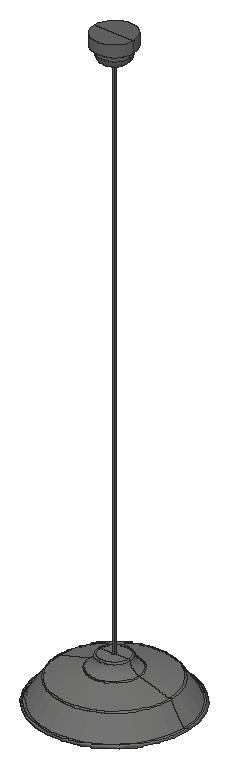
Revit family "Warehouse Flat MB 20,24,27", category Lighting Fixtures, Revit 2020
Family settings
  Round Connector Dimension = Use Diameter
  Part Type = Normal
  OmniClass Number = 23.80.70.00
  OmniClass Title = Lighting
  Work Plane-Based = No
  Always vertical = Yes
  Cut with Voids When Loaded = No
  Light Source = Yes
  Shared = No
  Room Calculation Point = No
Parameters (values of type "WF520")
  b = 0' - 2"
  a = 0' - 6"
  Weight = "2.5 lb"
  Wattage Comments = "200 W Max"  # constant formula
  Wattage = 20.1963 W
  Warranty = "5 year limited warranty"  # constant formula
  WF527 = no
  WF524 = no
  WF520 = yes
  built-in parameter 1150110 = 1 (stored number, unit not read)
  Voltage = 120 V
  URL = "https://www.anplighting.com/assets/Uploads/product-attachments/specification-sheets/ANP-Specification-Sheet-RLM-MB-WF520.pdf"
  built-in parameter 1114217 = 1 (stored number, unit not read)
  Tilt Angle = 90.00°
  built-in parameter 1150109 = 1 (stored number, unit not read)
  built-in parameter 1150134 = (empty or 0)
  built-in parameter 1150113 = 1 (stored number, unit not read)
  Photometric Web File = "generic"
  built-in parameter 1150142 = (empty or 0)
  Mounting Option [instance] = 1
  Power Factor = 1
  Post Mount [instance] = Mounting Option = 5  # no
  Placement X axis side [instance] = if(Post Mount, 2' 2 15/32", if(Cord or Stem Mount, 0' 0", if(E36 20 inch, 1' 8 1/4", if(E 6 26 inch, 2' 2", if(E7 41 inch, 3' 5 1/4", 0' 1")))))  # 0' - 0"
  Model = "WF520"
  Manufacturer = "ANP Lighting"  # constant formula
  built-in parameter 1150105 = 238.73 (stored number, unit not read)
  Lumens = 3000 lm
  built-in parameter 1150115 = 1 (stored number, unit not read)
  Load Classification = Lighting
  Light Source Height [instance] = 0' - 0"
  built-in parameter 1150137 = (empty or 0)
  built-in parameter 1150139 = (empty or 0)
  Light Elevation _2 [instance] = if(Post Mount, 0' 0.66142", if(E7 41 inch, 0' 0.66142", if(E36 20 inch, 0' 1.65748", if(E 6 26 inch, 0' 1.53543", if(Cord or Stem Mount, (0' 4.3622" + Cord Length), 0' 0")))))  # 6' - 4.3622"
  Light Elevation _1 [instance] = if(Post Mount, 0' 0", if(E7 41 inch, 0' 0", if(E36 20 inch, 0' 1", if(E 6 26 inch, 0' 0.87402", if(Cord or Stem Mount, (0' 3.66142" + Cord Length), 0' 0")))))  # 6' - 3.66142"
  Light Elevation [instance] = if(Post Mount, 14' 0.5315", if(E7 41 inch, 0' 0", 0' 0"))  # 0' - 0"
  Life = "L70 50,000 hours"  # constant formula
  built-in parameter 1150112 = 1 (stored number, unit not read)
  built-in parameter 1150114 = 1 (stored number, unit not read)
  Lamp = "MB"
  built-in parameter 1150132 = 2
  built-in parameter 1150102 = (empty or 0)
  built-in parameter 1150107 = 3000 (stored number, unit not read)
  built-in parameter 1150138 = (empty or 0)
  built-in parameter 1150106 = 2.3873 (stored number, unit not read)
  Fixture Height = 0' - 6"
  Fixture Diameter = 1' - 8"
  Efficiency = "65-125 lumens per watt"  # constant formula
  built-in parameter 1150104 = 13.8 (stored number, unit not read)
  E7 41 inch [instance] = Mounting Option = 4  # no
  E36 20 inch [instance] = Mounting Option = 3  # no
  E 6 26 inch [instance] = Mounting Option = 2  # no
  Dimming Lamp Color Temperature Shift = <None>
  Dimming = "1%"  # constant formula
  Description = "120-277 Voltage"  # constant formula
  Default Elevation = 0' - 0"
  Cord or Stem Mount [instance] = Mounting Option = 1  # yes
  Cord Length option [instance] = 0
  Cord Length [instance] = if([2' Cord], 2' 0", if([4' Cord], 4' 0", if([8' Cord], 8' 0", if([10' Cord], 10' 0", if([6' Cord], 6' 0", 6' 0")))))  # 6' - 0"
  Construction Material = "Heavy Duty spun aluminum."  # constant formula
  Color Filter = 16777215
  Canopy Body = Textured Black
  CRI = ">90"  # constant formula
  Bulb = Bulb
  Body Material = body
  Body Colour = "Spun aluminium"  # constant formula
  built-in parameter 1114218 = 1 (stored number, unit not read)
  BULB = yes
  built-in parameter 1150133 = 10 (stored number, unit not read)
  Apparent Load = 200 VA
  8' Cord [instance] = Cord Length option = 8  # no
  6' Cord [instance] = Cord Length option = 6  # no
  4' Cord [instance] = Cord Length option = 4  # no
  2' Cord [instance] = Cord Length option = 2  # no
  10' Cord [instance] = Cord Length option = 10  # no
Types (4): name | a | Weight | WF527 | WF524 | WF520 | URL | Model | Fixture Height | Fixture Diameter
  (no name) | 0' - 6" | "2.5 lb" | no | no | yes | "https://www.anplighting.com/assets/Uploads/product-attachments/specification-sheets/ANP-Specification-Sheet-RLM-MB-WF520.pdf" | "WF520" | 0' - 6" | 1' - 8"
  WF520 | 0' - 6" | "2.5 lb" | no | no | yes | "https://www.anplighting.com/assets/Uploads/product-attachments/specification-sheets/ANP-Specification-Sheet-RLM-MB-WF520.pdf" | "WF520" | 0' - 6" | 1' - 8"
  WF524 | 0' - 6 3/4" | "5.5 lb" | no | yes | no | "https://www.anplighting.com/assets/Uploads/product-attachments/specification-sheets/ANP-Specification-Sheet-RLM-MB-WF524.pdf" | "WF524" | 0' - 6 3/4" | 2' - 0"
  WF527 | 0' - 7 3/4" | "6.0 lb" | yes | no | no | "https://www.anplighting.com/assets/Uploads/product-attachments/specification-sheets/ANP-Specification-Sheet-RLM-MB-WF527.pdf" | "WF527" | 0' - 7 3/4" | 2' - 3"
Reference planes (in)
  plane 1 "Light Source Axis (F/B)": y = 0
  plane 2: z = 0
  plane 3 "Light Source Axis (L/R)": x = 0
  plane 4 "Light Source Elevation": z = 0
  plane 5: z = 0
  plane 6: x = 0
  plane 7 "Bulb Position": z = -76.3622
  plane 8 "Canopy Position": z = -75.66142
  plane 9 "IES": z = -76.3622
  plane 10: z = 164.5315
  plane 11: z = -81.66142
  plane 12: z = -79.66142
  plane 13: z = -77.23029
Dimensions and locks (in)
  "Light Elevation": plane 5 to plane 2
  "Placement X axis side": plane 6 to plane 3 "Light Source Axis (L/R)"
  "Light Elevation _2": plane 5 to plane 7 "Bulb Position"
  "Light Elevation _1": plane 5 to plane 8 "Canopy Position"
  "Light Source Height": plane 7 "Bulb Position" to plane 9 "IES"
  locked: plane 4 "Light Source Elevation" to plane 2
  "a": plane 8 "Canopy Position" to plane 11
  "b": plane 12 to plane 11
  locked: plane 13 to plane 12 at 2.43113
  aligned and locked: level to plane 2
  aligned and locked: plane 1 "Light Source Axis (F/B)" to nested 5
  aligned and locked: nested 5 to plane 2
  aligned and locked: nested 1 to plane 3 "Light Source Axis (L/R)"
  aligned and locked: plane 3 "Light Source Axis (L/R)" to nested 2
  aligned and locked: plane 3 "Light Source Axis (L/R)" to nested 4
  aligned and locked: nested 3 to plane 5
  aligned and locked: plane 3 "Light Source Axis (L/R)" to nested 3
  aligned and locked: plane 1 "Light Source Axis (F/B)" to nested 2
  aligned and locked: plane 1 "Light Source Axis (F/B)" to nested 1
  aligned and locked: plane 1 "Light Source Axis (F/B)" to nested 4
  aligned and locked: plane 1 "Light Source Axis (F/B)" to nested 3
  aligned and locked: plane 2 to nested 1
  aligned and locked: plane 2 to nested 2
  aligned and locked: nested 4 to plane 2
  aligned and locked: imposter light to plane 6
  aligned and locked: plane 12 to imposter light
  aligned and locked: imposter light to plane 1 "Light Source Axis (F/B)"
  aligned and locked: plane 1 "Light Source Axis (F/B)" to nested 6
  aligned and locked: plane 1 "Light Source Axis (F/B)" to nested 7
  aligned and locked: plane 1 "Light Source Axis (F/B)" to nested 8
  aligned and locked: nested 6 to plane 8 "Canopy Position"
  aligned and locked: nested 7 to plane 8 "Canopy Position"
  aligned and locked: nested 8 to plane 8 "Canopy Position"
  aligned and locked: plane 6 to nested 8
  aligned and locked: plane 6 to nested 7
  aligned and locked: plane 6 to nested 6
Nested families (in)
  nested 1: "CORD OR STEM MOUNT" at (0, 0, -75.67), visible <- "Cord or Stem Mount", Cord or Stem Mount <- "Cord or Stem Mount", Body Material <- "Body Material", Light Elevation <- "Light Elevation", Cord Length <- "Cord Length", 10' Cord <- "10' Cord", 2' Cord <- "2' Cord", 4' Cord <- "4' Cord", 6' Cord <- "6' Cord", 8' Cord <- "8' Cord", type "CORD OR STEM MOUNT"
    with Light Elevation 0' - 0", Cord or Stem Mount yes, Cord Length 6' - 0", Body Material body, 8' Cord no, 6' Cord no, 4' Cord no, 2' Cord no, 10' Cord no
  nested 2: "E6 26 INCH" at (0, 0, 0), visible <- "E 6 26 inch", Chain Length <- "Cord Length", E 6 26 inch <- "E 6 26 inch", Placement X axis side <- "Placement X axis side", Body Material <- "Body Material", Light Elevation <- "Light Elevation", type "E6 26 INCH"
    with Placement X axis side 0' - 0", Light Elevation 0' - 0", E 6 26 inch no, Chain Length 6' - 0", Body Material body
  nested 3: "E7 41 INCH" at (0, 0, 0), Chain Length <- "Cord Length", visible <- "E7 41 inch", E7 41 inch <- "E7 41 inch", Placement X axis side <- "Placement X axis side", Body Material <- "Body Material", Light Elevation <- "Light Elevation", type "E7 41 INCH"
    with Placement X axis side 0' - 0", Light Elevation 0' - 0", E7 41 inch no, Chain Length 6' - 0", Body Material body
  nested 4: "E36 20 INCH" at (0, 0, 0), visible <- "E36 20 inch", E36 20 inch <- "E36 20 inch", Placement X axis side <- "Placement X axis side", Chain Length <- "Cord Length", Body Material <- "Body Material", Light Elevation <- "Light Elevation", type "E36 20 INCH"
    with Placement X axis side 0' - 0", Light Elevation 0' - 0", E36 20 inch no, Chain Length 6' - 0", Body Material body
  nested 5: "POST MOUNT" at (0, 0, 0), visible <- "Post Mount", Post Mount <- "Post Mount", Placement X axis side <- "Placement X axis side", Chain Length <- "Cord Length", Body Material <- "Body Material", Light Elevation <- "Light Elevation", type "POST MOUNT"
    with Post Mount no, Placement X axis side 0' - 0", Light Elevation 0' - 0", Chain Length 6' - 0", Body Material body
  nested 6: "WF520_1" at (0, 0, -75.66142), WF520 <- "WF520", visible <- "WF520", Body <- "Canopy Body", Light Elevation <- "Light Elevation", type "WF520_1"
    with WF520 yes, Light Elevation 0' - 0", Body Textured Black
  nested 7: "WF524_1" at (0, 0, -75.66142), Body <- "Canopy Body", visible <- "WF524", Light Elevation <- "Light Elevation", WF524 <- "WF524", type "WF524_1"
    with WF524 no, Light Elevation 0' - 0", Body Textured Black
  nested 8: "WF527_1" at (0, 0, -75.66142), WF527 <- "WF527", visible <- "WF527", Body <- "Canopy Body", Light Elevation <- "Light Elevation", type "WF527_1"
    with WF527 no, Light Elevation 0' - 0", Body Textured Black
Definition of nested family "CORD OR STEM MOUNT"
  Parameters (values of type "CORD OR STEM MOUNT")
    URL = ""
    Model = ""
    Manufacturer = ""
    Light Elevation [instance] = 1' - 7.69"
    Default Elevation = 0' - 0"
    Cord or Stem Mount [instance] = yes
    Cord Length [instance] = 6' - 0"
    Body Material [instance] = none
    8' Cord [instance] = no
    6' Cord [instance] = no
    4' Cord [instance] = no
    2' Cord [instance] = no
    10' Cord [instance] = no
  Reference planes (in)
    plane 1 "Light Source Axis (F/B)": y = 0
    plane 2: z = 0
    plane 3 "Light Source Axis (L/R)": x = 0
    plane 4 "Light Source Elevation": z = 23.125
    plane 5: z = 91.69
    plane 6: z = 19.69
  Forms (in)
    Extrusion 1, void, not visible
      sketch origin (0, 0, 2.38154) x (1, 0, 0) y (0, 0, 1)
        loop
          circle (0, 4.59925) r 0.16583
      from 1.18594 to 1.75
    Extrusion 2, void, not visible
      sketch origin (0, 0, 2.38154) x (0.707107, -0.707107, 0) y (0, 0, 1)
        loop
          circle (0, 4.59925) r 0.16583
      from 1.18594 to 1.75
    Extrusion 3, void, not visible
      sketch origin (0, 0, 2.38154) x (0.707107, 0.707107, 0) y (0, 0, 1)
        loop
          circle (0, 4.59925) r 0.16583
      from 1.18594 to 1.75
    Extrusion 4, void, not visible
      sketch origin (0, 0, 2.38154) x (0, 1, 0) y (0, 0, 1)
        loop
          circle (0, 4.59925) r 0.16583
      from 1.18594 to 1.75
    Extrusion 5, void, not visible
      sketch origin (0, 0, 2.38154) x (-0.707107, 0.707107, 0) y (0, 0, 1)
        loop
          circle (0, 4.59925) r 0.16583
      from 1.18594 to 1.75
    Extrusion 6, void, not visible
      sketch origin (0, 0, 2.38154) x (-1, 0, 0) y (0, 0, 1)
        loop
          circle (0, 4.59925) r 0.20678
      from 1.18594 to 1.75
    Extrusion 7, void, not visible
      sketch origin (0, 0, 2.38154) x (-0.707107, -0.707107, 0) y (0, 0, 1)
        loop
          circle (0, 4.59925) r 0.16583
      from 1.18594 to 1.75
    Extrusion 8, void, not visible
      sketch origin (0, 0, 2.38154) x (0, -1, 0) y (0, 0, 1)
        loop
          circle (0, 4.59925) r 0.16583
      from 1.18594 to 1.75
    Revolve 9, solid, material <- "Body Material", visible <- "Cord or Stem Mount"
      sketch origin (0, 0, 174.56698) x (1, 0, 0) y (0, 0, 1)
        loop
          line (2.6875, -79.20698) -> (0, -79.20698) -> (0, -82.87698) -> (0.125, -82.87698) -> (0.125, -82.83698) -> (0.75, -82.83698)
          arc (0.75, -82.83698) -> (0.81694, -82.77004) -> (0.75, -82.7031) r 0.06694
          line (0.75, -82.7031) -> (0.89763, -82.7031) -> (1.00223, -82.5985) -> (1.06587, -82.5985)
          arc (1.06587, -82.5985) -> (1.80099, -82.29401) -> (2.10549, -81.55888) r 1.03962
          line (2.10549, -81.55888) -> (2.10549, -81.03899)
          arc (2.10549, -81.03899) -> (2.12951, -80.981) -> (2.1875, -80.95698) r 0.08201
          line (2.1875, -80.95698) -> (2.1875, -80.70698) -> (2.6875, -80.70698) -> (2.6875, -79.20698)
        axis (0, -79.20698) -> (0, -82.87698)
      angle from 0 to 360
    Revolve 10, solid, material <- "Body Material", visible <- "Cord or Stem Mount"
      sketch origin (0, 0, 0) x (1, 0, 0) y (0, 0, 1)
        loop
          line (0, 91.69) -> (-0.125, 91.69) -> (-0.125, 19.69) -> (0, 19.69) -> (0, 91.69)
        axis (0, 19.69) -> (0, 91.69)
      angle from 0 to 360
  Dimensions and locks (in)
    "Light Elevation": plane 6 to plane 2
    "Cord Length": plane 5 to plane 6
    locked: Revolve 10 sketch curve to Revolve 10 sketch curve at 0.125
    aligned and locked: level to plane 2
    aligned and locked: Revolve 10 sketch curve to plane 3 "Light Source Axis (L/R)"
    aligned and locked: Revolve 10 sketch curve to plane 6
    aligned and locked: Revolve 10 sketch curve to plane 5
    aligned and locked: plane 3 "Light Source Axis (L/R)" to Revolve 10 sketch curve
  Automatic sketch dimensions
    Revolve 9 sketch curve to plane 3 "Light Source Axis (L/R)" = 0' - 0"  (x2)
    Revolve 9 sketch curve to plane 5 = 0' - 0"
    plane 3 "Light Source Axis (L/R)" to Revolve 9 sketch curve = 0' - 0 1/8"
    Revolve 9 sketch curve to plane 5 = 0' - 0.17388"
    Revolve 9 sketch curve to Revolve 9 sketch curve = 0' - 0 5/8"
    Revolve 9 sketch curve to Revolve 9 sketch curve = 0' - 0.14763"
    Revolve 9 sketch curve to plane 5 = 0' - 0.27847"
    Revolve 9 sketch curve to Revolve 9 sketch curve = 0' - 0.1046"
    Revolve 9 sketch curve to Revolve 9 sketch curve = 0' - 0.06364"
    Revolve 9 sketch curve to Revolve 9 sketch curve = 0' - 1.03962"
    Revolve 9 sketch curve to Revolve 9 sketch curve = 0' - 0 21/256"
    Revolve 9 sketch curve to Revolve 9 sketch curve = 0' - 0 1/2"  (x2)
    Revolve 9 sketch curve to Revolve 9 sketch curve = 0' - 0.51989"
    Revolve 9 sketch curve to Revolve 9 sketch curve = 0' - 0 1/4"
    Revolve 9 sketch curve to Revolve 9 sketch curve = 0' - 2.3519"
    Revolve 9 sketch curve to Revolve 9 sketch curve = 0' - 1 1/4"
    Revolve 9 sketch curve to Revolve 9 sketch curve = 0' - 0.04"
    Revolve 10 sketch curve to Revolve 10 sketch curve = 0' - 0 1/2"
    Revolve 10 sketch curve to Revolve 10 sketch curve = 0' - 0.42345"
Definition of nested family "WF520_1"
  Parameters (values of type "WF520_1")
    WF520 [instance] = yes
    Light Elevation [instance] = 3' - 0"
    Default Elevation = 0' - 0"
    Body [instance] = none
  Reference planes (in)
    plane 1 "Center (Front/Back)": y = 0
    plane 2: z = 0
    plane 3 "Center (Left/Right)": x = 0
    plane 4: z = 36
  Dimensions and locks (in)
    "Light Elevation": plane 4 to plane 2
    aligned and locked: plane 2 to level
    aligned and locked: plane 3 "Center (Left/Right)" to nested 1
    aligned and locked: plane 1 "Center (Front/Back)" to nested 1
    aligned and locked: plane 4 to nested 1
  Nested families (in)
    nested 1: "WF520" at (0, 0, 30), Body <- "Body", visible <- "WF520", WF520 <- "WF520", type "WF520"
      with WF520 yes, Body none
  Definition of nested family "WF520"
    Parameters (values of type "WF520")
      WF520 [instance] = yes
      Body [instance] = none
      Default Elevation = 0' - 0"
    Reference planes (in)
      plane 1 "Center (Front/Back)": y = 0
      plane 2: z = 0
      plane 3 "Center (Left/Right)": x = 0
      plane 4: z = 6
      plane 5: x = 10
      plane 6: x = -10
    Forms (in)
      Revolve 1, solid, material <- "Body", visible <- "WF520"
        sketch origin (0, 0, -6.85667) x (1, 0, 0) y (0, 0, 1)
          loop
            arc (-3.2099, 11.22679) -> (-3.30374, 11.18875) -> (-3.40122, 11.16136) r 0.91
            line (-3.40122, 11.16136) -> (-7.54694, 10.04112)
            arc (-7.54694, 10.04112) -> (-7.63258, 10.00079) -> (-7.69259, 9.92758) r 0.215
            line (-7.69259, 9.92758) -> (-9.52188, 7.17104)
            arc (-9.52188, 7.17104) -> (-9.66065, 7.02411) -> (-9.84285, 6.93667) r 0.55451
            arc (-9.84285, 6.93667) -> (-9.92004, 7.01385) -> (-9.84285, 7.09104) r 0.07719
            line (-9.84285, 7.09104) -> (-9.84285, 7.17104)
            arc (-9.84285, 7.17104) -> (-10.00004, 7.01385) -> (-9.84285, 6.85667) r 0.15719
            arc (-9.84285, 6.85667) -> (-9.62198, 6.95345) -> (-9.45488, 7.12732) r 0.61878
            line (-9.45488, 7.12732) -> (-7.62294, 9.88786)
            arc (-7.62294, 9.88786) -> (-7.58445, 9.93687) -> (-7.52804, 9.96336) r 0.135
            line (-7.52804, 9.96336) -> (-3.38207, 11.08366)
            arc (-3.38207, 11.08366) -> (-3.27697, 11.11335) -> (-3.17577, 11.15444) r 0.99
            arc (-3.17577, 11.15444) -> (-2.43009, 11.77393) -> (-2.07743, 12.67694) r 1.93932
            arc (-2.07743, 12.67694) -> (-2.02924, 12.74927) -> (-1.94696, 12.77724) r 0.135
            line (-1.94696, 12.77724) -> (-0.25, 12.77724) -> (-0.25, 12.85724) -> (-1.94696, 12.85724)
            arc (-1.94696, 12.85724) -> (-2.0805, 12.81074) -> (-2.15627, 12.69136) r 0.215
            arc (-2.15627, 12.69136) -> (-2.49355, 11.82272) -> (-3.2099, 11.22679) r 1.85933
          axis (0, 12.85724) -> (0, 6.85667)
        angle from 0 to 360
    Dimensions and locks (in)
      plane 4 to plane 2 = 0' - 6"
      plane 5 to plane 3 "Center (Left/Right)" = 0' - 10"
      aligned and locked: plane 2 to level
Definition of nested family "E6 26 INCH"
  Parameters (values of type "E6 26 INCH")
    URL = ""
    Placement X axis side [instance] = 2' - 2"
    Model = ""
    Manufacturer = ""
    Light Elevation [instance] = 8' - 4"
    E 6 26 inch [instance] = yes
    Default Elevation = 0' - 0"
    Chain Length [instance] = 0' - 0"
    Body Material [instance] = none
  Reference planes (in)
    plane 1 "Light Source Axis (F/B)": y = 0
    plane 2: z = 0
    plane 3 "Light Source Axis (L/R)": x = 0
    plane 4 "Light Source Elevation": z = 23.125
    plane 5: z = 100
    plane 6: x = -26
    plane 7: z = 99.125
    plane 8: x = -24.12
    plane 9: x = -25.5474
  Forms (in)
    Extrusion 1, void, not visible
      sketch origin (0, 0, 2.38154) x (1, 0, 0) y (0, 0, 1)
        loop
          circle (0, 4.59925) r 0.16583
      from 1.18594 to 1.75
    Extrusion 2, void, not visible
      sketch origin (0, 0, 2.38154) x (0.707107, -0.707107, 0) y (0, 0, 1)
        loop
          circle (0, 4.59925) r 0.16583
      from 1.18594 to 1.75
    Extrusion 3, void, not visible
      sketch origin (0, 0, 2.38154) x (0.707107, 0.707107, 0) y (0, 0, 1)
        loop
          circle (0, 4.59925) r 0.16583
      from 1.18594 to 1.75
    Extrusion 4, void, not visible
      sketch origin (0, 0, 2.38154) x (0, 1, 0) y (0, 0, 1)
        loop
          circle (0, 4.59925) r 0.16583
      from 1.18594 to 1.75
    Extrusion 5, void, not visible
      sketch origin (0, 0, 2.38154) x (-0.707107, 0.707107, 0) y (0, 0, 1)
        loop
          circle (0, 4.59925) r 0.16583
      from 1.18594 to 1.75
    Extrusion 6, void, not visible
      sketch origin (0, 0, 2.38154) x (-1, 0, 0) y (0, 0, 1)
        loop
          circle (0, 4.59925) r 0.20678
      from 1.18594 to 1.75
    Extrusion 7, void, not visible
      sketch origin (0, 0, 2.38154) x (-0.707107, -0.707107, 0) y (0, 0, 1)
        loop
          circle (0, 4.59925) r 0.16583
      from 1.18594 to 1.75
    Extrusion 8, void, not visible
      sketch origin (0, 0, 2.38154) x (0, -1, 0) y (0, 0, 1)
        loop
          circle (0, 4.59925) r 0.16583
      from 1.18594 to 1.75
    Sweep 9, solid, material <- "Body Material", visible <- "E 6 26 inch"
      path origin (-41.25, 0, 168.51693) x (1, 0, 0) y (0, 0, 1)
        loop
          line (17.13, -68.51693) -> (27.68551, -68.51693)
          arc (27.68551, -68.51693) -> (28.47996, -68.34486) -> (29.13202, -67.8595) r 1.92004
          line (29.13202, -67.8595) -> (34.23651, -62.01155)
          arc (34.23651, -62.01155) -> (38.65464, -60.89667) -> (41.25, -64.64193) r 4
          line (41.25, -64.64193) -> (41.25, -69.39193)
      profile origin (-18.84224, 0, 100) x (0, 0, 1) y (0, -1, 0)
        loop
          circle (0, 0) r 0.5
    Revolve 10, solid, material <- "Body Material", visible <- "E 6 26 inch"
      sketch origin (-26, 0, 168.51693) x (1, 0, 0) y (0, 0, 1)
        loop
          line (0, -66.07943) -> (0, -68.51693) -> (1.88, -68.51693) -> (1.88, -67.69272) -> (0.4526, -67.69272) -> (0.4526, -66.54122) -> (0.33125, -66.54122) -> (0.33125, -66.07943) -> (0, -66.07943)
        axis (0, -68.51693) -> (1.88, -68.51693)
      angle from 0 to 360
    Extrusion 11, solid, material <- "Body Material", visible <- "E 6 26 inch"
      sketch origin (-26, 0, 168.51693) x (0, -1, 0) y (0, 0, -1)
        loop
          line (0.25, 68.51693) -> (0.25, 69.51693) -> (-0.25, 69.51693) -> (-0.25, 68.51693) -> (0.25, 68.51693)
      from 0.4526 to 1.88
  Cuts and joins
    joined: Revolve 10, Extrusion 11
  Dimensions and locks (in)
    "Light Elevation": plane 5 to plane 2
    "Placement X axis side": plane 3 "Light Source Axis (L/R)" to plane 6
    locked: plane 5 to plane 7 at 0.875
    Revolve 10 sketch curve to Revolve 10 sketch curve to Revolve 10 sketch curve to plane 6 = 0' - 1.4274" locked, 0' - 0.12135" locked, 0' - 0.33125" locked
    Revolve 10 sketch curve to Revolve 10 sketch curve to Revolve 10 sketch curve to plane 5 = 0' - 0.46179" locked, 0' - 1.1515" locked, 0' - 0 211/256" locked
    locked: Sweep 9 sketch curve to plane 6 at 1.88
    locked: Sweep 9 sketch curve to Sweep 9 sketch curve at 10.55551
    locked: Sweep 9 sketch curve to Sweep 9 sketch curve at 13.56449
    locked: Sweep 9 sketch curve to Sweep 9 sketch curve at 4.75
    locked: plane 9 to plane 6 at 0.4526
    locked: plane 8 to plane 9 at 1.4274
    aligned and locked: level to plane 2
    aligned and locked: Revolve 10 sketch curve to plane 6
    aligned and locked: plane 5 to Revolve 10 sketch curve
    aligned and locked: Revolve 10 sketch curve to plane 5
    aligned and locked: cut or joined group of Revolve 10, Extrusion 11 to plane 9
    aligned and locked: plane 8 to cut or joined group of Revolve 10, Extrusion 11
  Automatic sketch dimensions
    Sweep 9 sketch curve to plane 5 = 0' - 0"
    Sweep 9 sketch curve to Sweep 9 sketch curve = 0' - 4"
    Sweep 9 sketch curve to Sweep 9 sketch curve = 0' - 3.01349"
    plane 5 to Sweep 9 sketch curve = 0' - 0.65743"
    Sweep 9 sketch curve to Sweep 9 sketch curve = 0' - 1.4465"
    Sweep 9 sketch curve to plane 5 = 0' - 0 7/8"
    profile plane to Sweep 9 sketch curve = 0' - 0"
    Sweep 9 sketch curve to profile plane = 0' - 0"
    plane 6 to Revolve 10 sketch curve = 0' - 0.62562"
    Revolve 10 sketch curve to Revolve 10 sketch curve = 0' - 0 1/2"
    Extrusion 11 sketch curve to plane 5 = 0' - 0"
    plane 1 "Light Source Axis (F/B)" to Extrusion 11 sketch curve = 0' - 0 1/4"
    Extrusion 11 sketch curve to plane 1 "Light Source Axis (F/B)" = 0' - 0 1/4"
    plane 5 to Extrusion 11 sketch curve = 0' - 1"
    radius of Sweep 9 sketch curve = 0' - 0 1/2"
Definition of nested family "E7 41 INCH"
  Parameters (values of type "E7 41 INCH")
    URL = ""
    Placement X axis side [instance] = 4' - 2"
    Model = ""
    Manufacturer = ""
    Light Elevation [instance] = 8' - 4"
    E7 41 inch [instance] = yes
    Default Elevation = 0' - 0"
    Chain Length [instance] = 0' - 0"
    Body Material [instance] = none
  Reference planes (in)
    plane 1 "Light Source Axis (F/B)": y = 0
    plane 2: z = 0
    plane 3 "Light Source Axis (L/R)": x = 0
    plane 4 "Light Source Elevation": z = 23.125
    plane 5: z = 100
    plane 6: x = -50
  Forms (in)
    Extrusion 1, void, not visible
      sketch origin (0, 0, 2.38154) x (1, 0, 0) y (0, 0, 1)
        loop
          circle (0, 4.59925) r 0.16583
      from 1.18594 to 1.75
    Extrusion 2, void, not visible
      sketch origin (0, 0, 2.38154) x (0.707107, -0.707107, 0) y (0, 0, 1)
        loop
          circle (0, 4.59925) r 0.16583
      from 1.18594 to 1.75
    Extrusion 3, void, not visible
      sketch origin (0, 0, 2.38154) x (0.707107, 0.707107, 0) y (0, 0, 1)
        loop
          circle (0, 4.59925) r 0.16583
      from 1.18594 to 1.75
    Extrusion 4, void, not visible
      sketch origin (0, 0, 2.38154) x (0, 1, 0) y (0, 0, 1)
        loop
          circle (0, 4.59925) r 0.16583
      from 1.18594 to 1.75
    Extrusion 5, void, not visible
      sketch origin (0, 0, 2.38154) x (-0.707107, 0.707107, 0) y (0, 0, 1)
        loop
          circle (0, 4.59925) r 0.16583
      from 1.18594 to 1.75
    Extrusion 6, void, not visible
      sketch origin (0, 0, 2.38154) x (-1, 0, 0) y (0, 0, 1)
        loop
          circle (0, 4.59925) r 0.20678
      from 1.18594 to 1.75
    Extrusion 7, void, not visible
      sketch origin (0, 0, 2.38154) x (-0.707107, -0.707107, 0) y (0, 0, 1)
        loop
          circle (0, 4.59925) r 0.16583
      from 1.18594 to 1.75
    Extrusion 8, void, not visible
      sketch origin (0, 0, 2.38154) x (0, -1, 0) y (0, 0, 1)
        loop
          circle (0, 4.59925) r 0.16583
      from 1.18594 to 1.75
    Revolve 9, solid, material <- "Body Material", visible <- "E7 41 inch"
      sketch origin (-41.25, 0, 168.39193) x (1, 0, 0) y (0, 0, 1)
        loop
          line (-8.75, -66.20443) -> (-8.75, -68.51693) -> (-6.87, -68.51693) -> (-6.87, -67.69272) -> (-8.2974, -67.69272) -> (-8.2974, -66.54122) -> (-8.41875, -66.54122) -> (-8.41875, -66.20443) -> (-8.75, -66.20443)
        axis (-8.75, -68.51693) -> (-6.87, -68.51693)
      angle from 0 to 360
    Extrusion 10, solid, material <- "Body Material", visible <- "E7 41 inch"
      sketch origin (-41.25, 0, 168.39193) x (0, -1, 0) y (0, 0, -1)
        loop
          line (0.25, 68.51693) -> (0.25, 69.51693) -> (-0.25, 69.51693) -> (-0.25, 68.51693) -> (0.25, 68.51693)
      from -8.2974 to -6.87
    Sweep 11, solid, material <- "Body Material", visible <- "E7 41 inch"
      path origin (-41.25, 0, 168.39193) x (1, 0, 0) y (0, 0, 1)
        loop
          line (-6.87, -68.51693) -> (16.04011, -68.51693)
          arc (16.04011, -68.51693) -> (17.864, -68.13651) -> (19.38375, -67.0587) r 4.5625
          line (19.38375, -67.0587) -> (24.70217, -61.33018)
          arc (24.70217, -61.33018) -> (29.64465, -60.20324) -> (32.5, -64.39193) r 4.5
          line (32.5, -64.39193) -> (32.5, -68.39193)
      profile origin (-36.66494, 0, 99.875) x (0, 0, 1) y (0, -1, 0)
        loop
          circle (0, 0) r 0.5
  Dimensions and locks (in)
    "Placement X axis side": plane 3 "Light Source Axis (L/R)" to plane 6
    "Light Elevation": plane 5 to plane 2
    locked: Revolve 9 sketch curve to Revolve 9 sketch curve at 0.33125
    locked: Revolve 9 sketch curve to Revolve 9 sketch curve at 0.4526
    locked: Revolve 9 sketch curve to Revolve 9 sketch curve at 1.88
    locked: Revolve 9 sketch curve to Revolve 9 sketch curve at 0.82421
    locked: Revolve 9 sketch curve to Revolve 9 sketch curve at 1.1515
    locked: Revolve 9 sketch curve to Revolve 9 sketch curve at 0.33679
    locked: plane 5 to Revolve 9 sketch curve at 0.125
    locked: Extrusion 10 sketch curve to Extrusion 10 sketch curve at 0.5
    locked: Extrusion 10 sketch curve to Extrusion 10 sketch curve at 1
    locked: plane 5 to Extrusion 10 sketch curve at 0.125
    locked: plane 5 to Sweep 11 sketch curve at 0.125
    locked: Sweep 11 sketch curve to Sweep 11 sketch curve at 39.37
    locked: Sweep 11 sketch curve to Sweep 11 sketch curve at 4
    locked: plane 6 to Extrusion 10 at 0.4526
    locked: Sweep 11 sketch curve to plane 6 at 1.88
    locked: Extrusion 10 to Extrusion 10 at 1.4274
    aligned and locked: plane 2 to level
    aligned and locked: Revolve 9 sketch curve to plane 6
  Automatic sketch dimensions
    Revolve 9 sketch curve to plane 5 = 0' - 0 1/8"
    plane 6 to Revolve 9 sketch curve = 0' - 0.62562"
    Revolve 9 sketch curve to Revolve 9 sketch curve = 0' - 0 1/2"
    plane 1 "Light Source Axis (F/B)" to Extrusion 10 sketch curve = 0' - 0 1/4"
    Sweep 11 sketch curve to plane 5 = 0' - 0"
    Sweep 11 sketch curve to Sweep 11 sketch curve = 0' - 4 1/2"
    Sweep 11 sketch curve to Sweep 11 sketch curve = 0' - 3.29783"
    plane 5 to Sweep 11 sketch curve = 0' - 1.33323"
    Sweep 11 sketch curve to Sweep 11 sketch curve = 0' - 5.31842"
    Sweep 11 sketch curve to Sweep 11 sketch curve = 0' - 3.34364"
    profile plane to Sweep 11 sketch curve = 0' - 0"
    Sweep 11 sketch curve to profile plane = 0' - 0"
    radius of Sweep 11 sketch curve = 0' - 0 1/2"
Definition of nested family "E36 20 INCH"
  Parameters (values of type "E36 20 INCH")
    URL = ""
    Placement X axis side [instance] = 1' - 8 1/4"
    Model = ""
    Manufacturer = ""
    Light Elevation [instance] = 8' - 4"
    E36 20 inch [instance] = yes
    Default Elevation = 0' - 0"
    Chain Length [instance] = 0' - 0"
    Body Material [instance] = none
  Reference planes (in)
    plane 1 "Light Source Axis (F/B)": y = 0
    plane 2: z = 0
    plane 3 "Light Source Axis (L/R)": x = 0
    plane 4 "Light Source Elevation": z = 23.125
    plane 5: z = 99
    plane 6: x = -20.25
    plane 7: z = 100
    plane 8: x = -18.37008
    plane 9: x = -19.79724
  Forms (in)
    Extrusion 1, void, not visible
      sketch origin (0, 0, 2.38154) x (1, 0, 0) y (0, 0, 1)
        loop
          circle (0, 4.59925) r 0.16583
      from 1.18594 to 1.75
    Extrusion 2, void, not visible
      sketch origin (0, 0, 2.38154) x (0.707107, -0.707107, 0) y (0, 0, 1)
        loop
          circle (0, 4.59925) r 0.16583
      from 1.18594 to 1.75
    Extrusion 3, void, not visible
      sketch origin (0, 0, 2.38154) x (0.707107, 0.707107, 0) y (0, 0, 1)
        loop
          circle (0, 4.59925) r 0.16583
      from 1.18594 to 1.75
    Extrusion 4, void, not visible
      sketch origin (0, 0, 2.38154) x (0, 1, 0) y (0, 0, 1)
        loop
          circle (0, 4.59925) r 0.16583
      from 1.18594 to 1.75
    Extrusion 5, void, not visible
      sketch origin (0, 0, 2.38154) x (-0.707107, 0.707107, 0) y (0, 0, 1)
        loop
          circle (0, 4.59925) r 0.16583
      from 1.18594 to 1.75
    Extrusion 6, void, not visible
      sketch origin (0, 0, 2.38154) x (-1, 0, 0) y (0, 0, 1)
        loop
          circle (0, 4.59925) r 0.20678
      from 1.18594 to 1.75
    Extrusion 7, void, not visible
      sketch origin (0, 0, 2.38154) x (-0.707107, -0.707107, 0) y (0, 0, 1)
        loop
          circle (0, 4.59925) r 0.16583
      from 1.18594 to 1.75
    Extrusion 8, void, not visible
      sketch origin (0, 0, 2.38154) x (0, -1, 0) y (0, 0, 1)
        loop
          circle (0, 4.59925) r 0.16583
      from 1.18594 to 1.75
    Sweep 9, solid, material <- "Body Material", visible <- "E36 20 inch"
      path origin (-41.25, 0, 169.51693) x (1, 0, 0) y (0, 0, 1)
        loop
          line (22.88, -69.51693) -> (28.93827, -69.51693)
          arc (28.93827, -69.51693) -> (29.97705, -69.28152) -> (30.81284, -68.62128) r 2.40953
          line (30.81284, -68.62128) -> (34.13807, -64.50378)
          arc (34.13807, -64.50378) -> (38.58272, -63.24548) -> (41.25, -67.01693) r 4
          line (41.25, -67.01693) -> (41.25, -70.51693)
      profile origin (-15.34086, 0, 100) x (0, 0, 1) y (0, -1, 0)
        loop
          circle (0, 0) r 0.5
    Revolve 10, solid, material <- "Body Material", visible <- "E36 20 inch"
      sketch origin (-20.25, 0, 169.51693) x (1, 0, 0) y (0, 0, 1)
        loop
          line (0, -67.20443) -> (0, -69.51693) -> (1.88, -69.51693) -> (1.88, -68.69272) -> (0.4526, -68.69272) -> (0.4526, -67.54122) -> (0.33125, -67.54122) -> (0.33125, -67.20443) -> (0, -67.20443)
        axis (0, -69.51693) -> (1.88, -69.51693)
      angle from 0 to 360
    Extrusion 11, solid, material <- "Body Material", visible <- "E36 20 inch"
      sketch origin (-20.25, 0, 169.51693) x (0, -1, 0) y (0, 0, -1)
        loop
          line (0.25, 69.51693) -> (0.25, 70.51693) -> (-0.25, 70.51693) -> (-0.25, 69.51693) -> (0.25, 69.51693)
      from 1.87992 to 0.45276
  Cuts and joins
    joined: Revolve 10, Extrusion 11
  Dimensions and locks (in)
    "Light Elevation": plane 7 to plane 2
    "Placement X axis side": plane 3 "Light Source Axis (L/R)" to plane 6
    locked: plane 7 to plane 5 at 1
    Revolve 10 sketch curve to Revolve 10 sketch curve to Revolve 10 sketch curve to plane 7 = 0' - 0.33679" locked, 0' - 1.1515" locked, 0' - 0 211/256" locked
    locked: Sweep 9 sketch curve to plane 6 at 1.88
    locked: Sweep 9 sketch curve to Sweep 9 sketch curve at 6.05827
    locked: Sweep 9 sketch curve to Sweep 9 sketch curve at 12.31173
    locked: Sweep 9 sketch curve to Sweep 9 sketch curve at 3.5
    Revolve 10 sketch curve to Revolve 10 sketch curve to Revolve 10 sketch curve to plane 6 = 0' - 1.4274" locked, 0' - 0.12135" locked, 0' - 0.33125" locked
    locked: plane 9 to plane 6 at 0.45276
    locked: plane 8 to plane 9 at 1.42717
    aligned and locked: level to plane 2
    aligned and locked: plane 7 to Revolve 10 sketch curve
    aligned and locked: Revolve 10 sketch curve to plane 7
    aligned and locked: Revolve 10 sketch curve to plane 6
    aligned and locked: cut or joined group of Revolve 10, Extrusion 11 to plane 9
    aligned and locked: plane 8 to cut or joined group of Revolve 10, Extrusion 11
  Automatic sketch dimensions
    Sweep 9 sketch curve to plane 7 = 0' - 0"
    Sweep 9 sketch curve to plane 5 = 0' - 0"
    Sweep 9 sketch curve to Sweep 9 sketch curve = 0' - 4"
    Sweep 9 sketch curve to plane 7 = 0' - 0.89565"
    Sweep 9 sketch curve to Sweep 9 sketch curve = 0' - 3.32523"
    Sweep 9 sketch curve to Sweep 9 sketch curve = 0' - 1.87457"
    profile plane to Sweep 9 sketch curve = 0' - 0"
    Sweep 9 sketch curve to profile plane = 0' - 0"
    plane 6 to Revolve 10 sketch curve = 0' - 0.62562"
    Revolve 10 sketch curve to Revolve 10 sketch curve = 0' - 0 1/2"
    plane 7 to Extrusion 11 sketch curve = 0' - 0"
    Extrusion 11 sketch curve to plane 5 = 0' - 0"
    plane 1 "Light Source Axis (F/B)" to Extrusion 11 sketch curve = 0' - 0 1/4"
    Extrusion 11 sketch curve to plane 1 "Light Source Axis (F/B)" = 0' - 0 1/4"
    radius of Sweep 9 sketch curve = 0' - 0 1/2"
Definition of nested family "POST MOUNT"
  Parameters (values of type "POST MOUNT")
    URL = ""
    Post Mount [instance] = yes
    Placement X axis side [instance] = 2' - 2 1/2"
    Model = ""
    Manufacturer = ""
    Light Elevation [instance] = 14' - 0.5168"
    Default Elevation = 0' - 0"
    Chain Length [instance] = 0' - 0"
    Body Material [instance] = none
  Reference planes (in)
    plane 1 "Light Source Axis (F/B)": y = 0
    plane 2: z = 0
    plane 3 "Light Source Axis (L/R)": x = 0
    plane 4 "Light Source Elevation": z = 23.125
    plane 5: x = -26.5
    plane 6: z = 168.5168
  Forms (in)
    Extrusion 1, void, not visible
      sketch origin (0, 0, 2.38154) x (1, 0, 0) y (0, 0, 1)
        loop
          circle (0, 4.59925) r 0.16583
      from 1.18594 to 1.75
    Extrusion 2, void, not visible
      sketch origin (0, 0, 2.38154) x (0.707107, -0.707107, 0) y (0, 0, 1)
        loop
          circle (0, 4.59925) r 0.16583
      from 1.18594 to 1.75
    Extrusion 3, void, not visible
      sketch origin (0, 0, 2.38154) x (0.707107, 0.707107, 0) y (0, 0, 1)
        loop
          circle (0, 4.59925) r 0.16583
      from 1.18594 to 1.75
    Extrusion 4, void, not visible
      sketch origin (0, 0, 2.38154) x (0, 1, 0) y (0, 0, 1)
        loop
          circle (0, 4.59925) r 0.16583
      from 1.18594 to 1.75
    Extrusion 5, void, not visible
      sketch origin (0, 0, 2.38154) x (-0.707107, 0.707107, 0) y (0, 0, 1)
        loop
          circle (0, 4.59925) r 0.16583
      from 1.18594 to 1.75
    Extrusion 6, void, not visible
      sketch origin (0, 0, 2.38154) x (-1, 0, 0) y (0, 0, 1)
        loop
          circle (0, 4.59925) r 0.20678
      from 1.18594 to 1.75
    Extrusion 7, void, not visible
      sketch origin (0, 0, 2.38154) x (-0.707107, -0.707107, 0) y (0, 0, 1)
        loop
          circle (0, 4.59925) r 0.16583
      from 1.18594 to 1.75
    Extrusion 8, void, not visible
      sketch origin (0, 0, 2.38154) x (0, -1, 0) y (0, 0, 1)
        loop
          circle (0, 4.59925) r 0.16583
      from 1.18594 to 1.75
    Revolve 9, solid, material <- "Body Material", visible <- "Post Mount"
      sketch origin (-7.90508, 0, 0) x (1, 0, 0) y (0, 0, 1)
        loop
          line (-18.59492, 3.92912) -> (-16.29831, 3.92912) -> (-16.29831, 4.2668) -> (-16.91413, 4.2668) -> (-16.91413, 134.5168) -> (-17.16413, 134.5168) -> (-17.16413, 137.3918) -> (-17.05979, 137.3918)
          arc (-17.05979, 137.3918) -> (-16.93479, 137.5168) -> (-17.05979, 137.6418) r 0.125
          line (-17.05979, 137.6418) -> (-17.48032, 137.6418) -> (-17.48032, 139.0793) -> (-17.73032, 139.0793) -> (-17.73032, 139.5793) -> (-18.59492, 139.5793) -> (-18.59492, 3.92912)
        axis (-18.59492, 139.5793) -> (-18.59492, 3.92912)
      angle from 0 to 360
    Extrusion 10, solid, material <- "Body Material", visible <- "Post Mount"
      sketch origin (0, 0, 0) x (1, 0, 0) y (0, 1, 0)
        loop
          line (-20.5, 5.93079) -> (-32.5, 5.93079) -> (-32.5, -6.06921) -> (-20.5, -6.06921) -> (-20.5, 5.93079)
      from 0 to 3.92912
    Sweep 11, solid, material <- "Body Material", visible <- "Post Mount"
      path origin (0, 0, 48.5) x (1, 0, 0) y (0, 0, 1)
        loop
          line (0, 120.0168) -> (0, 128.0168)
          arc (0, 128.0168) -> (-13.25, 141.2668) -> (-26.5, 128.0168) r 13.25
          line (-26.5, 128.0168) -> (-26.5, 91.0793)
      profile origin (0, 0, 172.5168) x (-1, 0, 0) y (0, -1, 0)
        loop
          circle (0, 0) r 0.5
    Revolve 12, solid, material <- "Body Material", visible <- "Post Mount"
      sketch origin (0, 0, 0) x (1, 0, 0) y (0, 0, 1)
        loop
          line (0, 168.5168) -> (0.75, 168.5168) -> (0.75, 170.7668) -> (0, 170.7668) -> (0, 168.5168)
        axis (0, 170.7668) -> (0, 168.5168)
      angle from 0 to 360
  Cuts and joins
    joined: Revolve 9, Extrusion 10, Sweep 11, Revolve 12
  Dimensions and locks (in)
    "Placement X axis side": plane 3 "Light Source Axis (L/R)" to plane 5
    "Light Elevation": plane 6 to plane 2
    locked: Revolve 12 sketch curve to plane 5 at 26.5  (x2)
    locked: Revolve 9 sketch curve to plane 2 at 3.92912
    locked: Revolve 9 sketch curve to plane 5 at 2.29661
    locked: Revolve 9 sketch curve to plane 5 at 1.68079
    locked: Revolve 9 sketch curve to plane 5 at 1.43079
    locked: Revolve 9 sketch curve to plane 5 at 1.11461
    locked: Revolve 9 sketch curve to plane 5 at 0.86461
    locked: Revolve 9 sketch curve to Revolve 9 sketch curve at 130.58768
    locked: Revolve 9 sketch curve to Revolve 9 sketch curve at 2.875
    locked: Revolve 9 sketch curve to Revolve 9 sketch curve at 0.25
    locked: Revolve 9 sketch curve to Revolve 9 sketch curve at 1.4375
    locked: Revolve 9 sketch curve to Revolve 9 sketch curve at 0.5
    locked: Sweep 11 sketch curve to Sweep 11 sketch curve at 26.5
    locked: Revolve 12 sketch curve to Revolve 12 sketch curve at 0.75
    locked: cut or joined group of Revolve 9, Extrusion 10, Sweep 11, Revolve 12 to plane 2 at 139.5793
    aligned and locked: level to plane 2
    aligned and locked: plane 5 to Sweep 11 sketch curve
    aligned and locked: Revolve 9 sketch curve to plane 5
  Automatic sketch dimensions
    Revolve 9 sketch curve to plane 5 = 0' - 0"
    Revolve 9 sketch curve to Revolve 9 sketch curve = 0' - 0.10434"
    Revolve 9 sketch curve to Revolve 9 sketch curve = 0' - 0.33768"
    Revolve 9 sketch curve to Revolve 9 sketch curve = 0' - 0 1/4"
    Revolve 9 sketch curve to Revolve 9 sketch curve = 0' - 0 7/16"
    Extrusion 10 sketch curve to plane 5 = 0' - 6"
    plane 5 to Extrusion 10 sketch curve = 0' - 6"
    plane 1 "Light Source Axis (F/B)" to Extrusion 10 sketch curve = 0' - 6.06921"
    Extrusion 10 sketch curve to plane 1 "Light Source Axis (F/B)" = 0' - 5.93079"
    Sweep 11 sketch curve to profile plane = 0' - 0"
    profile plane to Sweep 11 sketch curve = 0' - 0"
    Sweep 11 sketch curve to plane 6 = 0' - 0"
    Sweep 11 sketch curve to plane 6 = 0' - 8"
    plane 6 to Sweep 11 sketch curve = 2' - 4 15/16"
    Revolve 12 sketch curve to plane 6 = 0' - 0"
    Revolve 12 sketch curve to plane 6 = 0' - 2 1/4"
    Revolve 12 sketch curve to Revolve 12 sketch curve = 0' - 0 1/2"
    Revolve 12 sketch curve to Revolve 12 sketch curve = 0' - 0"
    radius of Sweep 11 sketch curve = 0' - 0 1/2"
Definition of nested family "WF524_1"
  Parameters (values of type "WF524_1")
    WF524 [instance] = yes
    Light Elevation [instance] = 3' - 0"
    Default Elevation = 0' - 0"
    Body [instance] = none
  Reference planes (in)
    plane 1 "Center (Front/Back)": y = 0
    plane 2: z = 0
    plane 3 "Center (Left/Right)": x = 0
    plane 4: z = 36
  Dimensions and locks (in)
    "Light Elevation": plane 4 to plane 2
    aligned and locked: plane 2 to level
    aligned and locked: plane 3 "Center (Left/Right)" to nested 1
    aligned and locked: plane 1 "Center (Front/Back)" to nested 1
    aligned and locked: plane 4 to nested 1
  Nested families (in)
    nested 1: "WF524" at (0, 0, 29.25), Body <- "Body", WF524 <- "WF524", visible <- "WF524", type "WF524"
      with WF524 yes, Body none
  Definition of nested family "WF524"
    Parameters (values of type "WF524")
      WF524 [instance] = yes
      Body [instance] = none
      Default Elevation = 0' - 0"
    Reference planes (in)
      plane 1 "Center (Front/Back)": y = 0
      plane 2: z = 0
      plane 3 "Center (Left/Right)": x = 0
      plane 4: z = 6.75
      plane 5: x = 12
      plane 6: x = -12
    Forms (in)
      Revolve 1, solid, material <- "Body", visible <- "WF524"
        sketch origin (0, 0, -8.89072) x (1, 0, 0) y (0, 0, 1)
          loop
            arc (-8.40245, 13.13385) -> (-10.12528, 11.32205) -> (-11.51175, 9.24155) r 14.51923
            arc (-11.51175, 9.24155) -> (-11.63996, 9.07334) -> (-11.82234, 8.96623) r 0.54788
            arc (-11.82234, 8.96623) -> (-11.92, 9.06389) -> (-11.82234, 9.16155) r 0.09766
            line (-11.82234, 9.16155) -> (-11.82234, 9.24155)
            arc (-11.82234, 9.24155) -> (-11.9995, 9.05179) -> (-11.7959, 8.89072) r 0.1765
            arc (-11.7959, 8.89072) -> (-11.58759, 9.01286) -> (-11.44078, 9.20459) r 0.62788
            arc (-11.44078, 9.20459) -> (-10.06921, 11.26406) -> (-8.36616, 13.05912) r 14.43923
            arc (-8.36616, 13.05912) -> (-5.70475, 13.44541) -> (-3.02297, 13.64635) r 38.78584
            arc (-3.02297, 13.64635) -> (-2.45981, 13.84747) -> (-2.11136, 14.33346) r 1.00242
            line (-2.11136, 14.33346) -> (-2.01433, 15.34163)
            arc (-2.01433, 15.34163) -> (-1.95055, 15.4978) -> (-1.79404, 15.56072) r 0.21638
            line (-1.79404, 15.56072) -> (-0.25, 15.56072) -> (-0.25, 15.64072) -> (-1.79337, 15.64072)
            arc (-1.79337, 15.64072) -> (-2.00558, 15.5559) -> (-2.09434, 15.34531) r 0.29638
            line (-2.09434, 15.34531) -> (-2.17754, 14.48095)
            arc (-2.17754, 14.48095) -> (-2.31127, 14.10646) -> (-2.6066, 13.84018) r 0.81307
            arc (-2.6066, 13.84018) -> (-2.8116, 13.75948) -> (-3.02937, 13.72616) r 0.98891
            arc (-3.02937, 13.72616) -> (-5.72622, 13.52353) -> (-8.40245, 13.13385) r 38.86584
          axis (0, 15.64072) -> (0, 8.89072)
        angle from 0 to 360
    Dimensions and locks (in)
      plane 4 to plane 2 = 0' - 6 3/4"
      plane 5 to plane 3 "Center (Left/Right)" = 1' - 0"
      aligned and locked: plane 2 to level
Definition of nested family "WF527_1"
  Parameters (values of type "WF527_1")
    WF527 [instance] = yes
    Light Elevation [instance] = 3' - 0"
    Default Elevation = 0' - 0"
    Body [instance] = none
  Reference planes (in)
    plane 1 "Center (Front/Back)": y = 0
    plane 2: z = 0
    plane 3 "Center (Left/Right)": x = 0
    plane 4: z = 36
  Dimensions and locks (in)
    "Light Elevation": plane 4 to plane 2
    aligned and locked: plane 2 to level
    aligned and locked: plane 3 "Center (Left/Right)" to nested 1
    aligned and locked: plane 1 "Center (Front/Back)" to nested 1
    aligned and locked: plane 4 to nested 1
  Nested families (in)
    nested 1: "WF527" at (0, 0, 28.25), Body <- "Body", WF527 <- "WF527", visible <- "WF527", type "WF527"
      with WF527 yes, Body none
  Definition of nested family "WF527"
    Parameters (values of type "WF527")
      WF527 [instance] = yes
      Body [instance] = none
      Default Elevation = 0' - 0"
    Reference planes (in)
      plane 1 "Center (Front/Back)": y = 0
      plane 2: z = 0
      plane 3 "Center (Left/Right)": x = 0
      plane 4: z = 7.75
      plane 5: x = 13.5
      plane 6: x = -13.5
    Forms (in)
      Revolve 1, solid, material <- "Body", visible <- "WF527"
        sketch origin (0, 0, -10.16041) x (1, 0, 0) y (0, 0, 1)
          loop
            line (-8.875, 14.9977) -> (-12.99589, 10.4694)
            arc (-12.99589, 10.4694) -> (-13.15489, 10.328) -> (-13.34715, 10.23682) r 0.75169
            arc (-13.34715, 10.23682) -> (-13.41998, 10.31483) -> (-13.34363, 10.3894) r 0.07633
            line (-13.34363, 10.3894) -> (-13.34363, 10.46941)
            arc (-13.34363, 10.46941) -> (-13.49965, 10.30405) -> (-13.32344, 10.16041) r 0.15523
            arc (-13.32344, 10.16041) -> (-13.11135, 10.26089) -> (-12.93577, 10.41661) r 0.83169
            line (-12.93577, 10.41661) -> (-8.83291, 14.92509) -> (-3.39447, 16.13108)
            arc (-3.39447, 16.13108) -> (-3.27276, 16.16497) -> (-3.15631, 16.21395) r 0.99886
            arc (-3.15631, 16.21395) -> (-2.4238, 16.83287) -> (-2.07743, 17.72711) r 1.93921
            arc (-2.07743, 17.72711) -> (-2.02924, 17.79944) -> (-1.94696, 17.82741) r 0.135
            line (-1.94696, 17.82741) -> (-0.25, 17.82741) -> (-0.25, 17.91041) -> (-1.94696, 17.91041)
            arc (-1.94696, 17.91041) -> (-2.07938, 17.8648) -> (-2.1556, 17.74731) r 0.215
            arc (-2.1556, 17.74731) -> (-2.48595, 16.88353) -> (-3.19158, 16.28576) r 1.85921
            arc (-3.19158, 16.28576) -> (-3.29906, 16.24053) -> (-3.41139, 16.20927) r 0.91886
            line (-3.41139, 16.20927) -> (-8.875, 14.9977)
          axis (0, 17.91041) -> (0, 10.16041)
        angle from 0 to 360
    Dimensions and locks (in)
      plane 5 to plane 3 "Center (Left/Right)" = 1' - 1 1/2"
      plane 4 to plane 2 = 0' - 7 3/4"
      plane 6 to plane 5 = 2' - 3"
      aligned and locked: plane 2 to level
